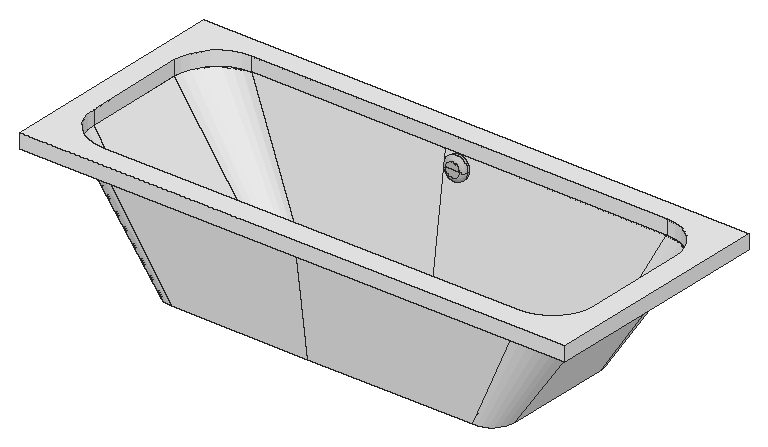
Revit family "NLRS_74_PF_UN_bad_S8H0Y000000_SPHINX_BCB", category Plumbing Fixtures, Revit 2016
Family settings
  Part Type = Normal
  Round Connector Dimension = Use Radius
  OmniClass Number = 23.45.00.00
  OmniClass Title = Sanitary, Laundry, and Cleaning Equipment
  Work Plane-Based = No
  Always vertical = Yes
  Cut with Voids When Loaded = No
  Shared = No
  Room Calculation Point = No
Parameters (values of type "300 bad 190x80")
  NLRS_C_type = ""
  NLRS_C_serie = ""
  radius = 25 mm
  NLRS_C_revit_versie = "2016"
  NLRS_C_content_versie = "2.0"
  NLRS_C_content_provider = "BouwConnect"
  NLRS_C_content_datum_uitgifte = "APR-2018"
  NLRS_C_content_datum_gewijzigd = "APR-2018"
  NLRS_C_content_creator = "BouwConnect"
  NLRS_C_URL_product_data = "http://www.sphinx.nl/producten/baden/rechthoekige-baden/sphinx-b75-%7C-duobad-b75420/30211/"
  NLRS_C_code_artikel = "S8H0Z000000"
  Waste Connection = yes
  WFU = 0
  URL = "http://www.sphinx.nl/"
  NLRS_S_gewicht = 23.50 kg
  NLRS_C_materiaal_01 = NLRS_h2_staal_Sphinx
  NLRS_C_materiaal = NLRS_n6_acryl_wit_Sphinx
  NLRS_C_lengte = 1900 mm
  NLRS_C_hoogte = 450 mm
  NLRS_C_diameter_uit = 50 mm
  NLRS_C_breedte = 800 mm
  Model = ""
  Manufacturer = "Sphinx"  # constant formula
  Keynote = ""
  IfcTypeProduct = "IfcSanitaryTerminalType"
  IfcExportType = "BATH"
  IfcExportAs = "IfcSanitaryTerminalTypeEnum"
  IfcElement = "IfcFlowTerminal"
  NLRS_C_code_EAN = "8711754119505"
  Description = "bad"
  NLRS_C_URL_BCB = "http://bcb-online.nl/?zoekterm=Sphinx+++%5bGeberit+B.V.%5d"
  Assembly Code = ""
Reference planes
  plane 1 "Center (Front/Back)": y = 0
  plane 2: z = 0
  plane 3 "Center (Left/Right)": x = 0
Forms (mm)
  Extrusion 1, solid, material "NLRS_n6_acryl_wit_Sphinx" <- "NLRS_C_materiaal", detail levels medium+fine
    sketch origin (0, 0, -450) x (1, 0, 0) y (0, 1, 0)
      loop
        line (0, 0) -> (0, -400) -> (75, -400) -> (75, -225)
        arc (75, -225) -> (118.934, -118.934) -> (225, -75) r 150
        line (225, -75) -> (1675, -75)
        arc (1675, -75) -> (1781.066, -118.934) -> (1825, -225) r 150
        line (1825, -225) -> (1825, -400) -> (1900, -400) -> (1900, 0) -> (0, 0)
    from 400 to 450
  Blend 2, solid, material "NLRS_n6_acryl_wit_Sphinx" <- "NLRS_C_materiaal", detail levels medium+fine
    base sketch origin (0, 0, -450) x (1, 0, 0) y (0, 1, 0)
      loop
        arc (425.801, -128.665) -> (365.697, -153.561) -> (340.801, -213.665) r 85
        line (340.801, -213.665) -> (340.801, -586.201)
        arc (340.801, -586.201) -> (365.697, -646.306) -> (425.801, -671.201) r 85
        line (425.801, -671.201) -> (900.179, -671.201) -> (1474.199, -671.201)
        arc (1474.199, -671.201) -> (1534.303, -646.306) -> (1559.199, -586.201) r 85
        line (1559.199, -586.201) -> (1559.199, -213.665)
        arc (1559.199, -213.665) -> (1534.303, -153.561) -> (1474.199, -128.665) r 85
        line (1474.199, -128.665) -> (900, -128.665) -> (425.801, -128.665)
    top sketch origin (0, 0, -450) x (1, 0, 0) y (0, 1, 0)
      loop
        arc (225, -72) -> (116.813, -116.813) -> (72, -225) r 153
        line (72, -225) -> (72, -575)
        arc (72, -575) -> (116.813, -683.187) -> (225, -728) r 153
        line (225, -728) -> (900, -728) -> (1675, -728)
        arc (1675, -728) -> (1783.187, -683.187) -> (1828, -575) r 153
        line (1828, -575) -> (1828, -225)
        arc (1828, -225) -> (1783.187, -116.813) -> (1675, -72) r 153
        line (1675, -72) -> (900, -72) -> (225, -72)
    from 0 to 400
  Blend 3, void, detail levels medium+fine
    base sketch origin (0, 0, -447) x (1, 0, 0) y (0, 1, 0)
      loop
        arc (425.801, -131.668) -> (367.819, -155.685) -> (343.801, -213.668) r 82
        line (343.801, -213.668) -> (343.801, -586.202)
        arc (343.801, -586.202) -> (367.819, -644.184) -> (425.801, -668.202) r 82
        line (425.801, -668.202) -> (900.211, -668.202) -> (1474.199, -668.202)
        arc (1474.199, -668.202) -> (1532.181, -644.184) -> (1556.199, -586.202) r 82
        line (1556.199, -586.202) -> (1556.199, -213.668)
        arc (1556.199, -213.668) -> (1532.181, -155.685) -> (1474.199, -131.668) r 82
        line (1474.199, -131.668) -> (900, -131.668) -> (425.801, -131.668)
    top sketch origin (0, 0, -447) x (1, 0, 0) y (0, 1, 0)
      loop
        arc (225, -75) -> (118.934, -118.934) -> (75, -225) r 150
        line (75, -225) -> (75, -575)
        arc (75, -575) -> (118.934, -681.066) -> (225, -725) r 150
        line (225, -725) -> (900, -725) -> (1675, -725)
        arc (1675, -725) -> (1781.066, -681.066) -> (1825, -575) r 150
        line (1825, -575) -> (1825, -225)
        arc (1825, -225) -> (1781.066, -118.934) -> (1675, -75) r 150
        line (1675, -75) -> (900, -75) -> (225, -75)
    from 0 to 400
  Extrusion 4, solid, material "NLRS_n6_acryl_wit_Sphinx" <- "NLRS_C_materiaal", detail levels medium+fine
    sketch origin (0, -800, -450) x (1, 0, 0) y (0, 1, 0)
      loop
        line (0, 0) -> (1900, 0) -> (1900, 400) -> (1825, 400) -> (1825, 225)
        arc (1825, 225) -> (1781.066, 118.934) -> (1675, 75) r 150
        line (1675, 75) -> (225, 75)
        arc (225, 75) -> (118.934, 118.934) -> (75, 225) r 150
        line (75, 225) -> (75, 400) -> (0, 400) -> (0, 0)
    from 400 to 450
  Extrusion 5, solid, material "NLRS_n6_acryl_wit_Sphinx" <- "NLRS_C_materiaal", detail levels coarse
    sketch origin (0, 0, -450) x (1, 0, 0) y (0, 1, 0)
      loop
        line (0, 0) -> (0, -800) -> (1900, -800) -> (1900, 0) -> (0, 0)
    from 0 to 450
  Extrusion 6, void, detail levels coarse
    sketch origin (0, 0, -450) x (1, 0, 0) y (0, 1, 0)
      loop
        arc (225, -72) -> (116.813, -116.813) -> (72, -225) r 153
        line (72, -225) -> (72, -575)
        arc (72, -575) -> (116.813, -683.187) -> (225, -728) r 153
        line (225, -728) -> (900, -728) -> (1675, -728)
        arc (1675, -728) -> (1783.187, -683.187) -> (1828, -575) r 153
        line (1828, -575) -> (1828, -225)
        arc (1828, -225) -> (1783.187, -116.813) -> (1675, -72) r 153
        line (1675, -72) -> (900, -72) -> (225, -72)
    from 100 to 500
  Extrusion 7, solid, material "NLRS_h2_staal_Sphinx" <- "NLRS_C_materiaal_01", detail levels medium+fine
    sketch origin (50.978, 64.916, -450) x (1, 0, 0) y (0, 1, 0)
      loop
        circle (899.022, -346.916) r 26
    from -10 to 0
  Extrusion 8, void, detail levels fine
    sketch origin (0, 0, -450) x (1, 0, 0) y (0, 1, 0)
      loop
        circle (950, -282) r 23
    from -20 to 10
  Revolve 9, solid, material "NLRS_h2_staal_Sphinx" <- "NLRS_C_materiaal_01", detail levels fine
    sketch origin (0, -282, -450) x (1, 0, 0) y (0, 0, 1)
      loop
        arc (920.939, 11) -> (907.985, 9.448) -> (895.764, 4.881) r 54.847
        arc (895.764, 4.881) -> (895.444, 4.657) -> (895.194, 4.356) r 1.467
        arc (895.194, 4.356) -> (895.093, 3.653) -> (895.545, 3.106) r 0.878
        arc (895.545, 3.106) -> (896.133, 3.026) -> (896.725, 3) r 6.633
        line (896.725, 3) -> (950, 3) -> (950, 11) -> (920.939, 11)
      axis (950, 3) -> (950, 11)
    angle from 0 to 360
  Revolve 10, solid, material "NLRS_h2_staal_Sphinx" <- "NLRS_C_materiaal_01", detail levels fine
    sketch origin (0, 0, -90) x (1, 0, 0) y (0, 1, 0)
      loop
        line (950, -72) -> (910, -72) -> (910, -87)
        arc (910, -87) -> (914.393, -97.607) -> (925, -102) r 15
        line (925, -102) -> (950, -102) -> (950, -72)
      axis (950, -102) -> (950, -72)
    angle from 0 to 360
  Extrusion 11, solid, material "NLRS_n6_acryl_wit_Sphinx" <- "NLRS_C_materiaal", not visible
    sketch origin (0, 0, -450) x (1, 0, 0) y (0, 1, 0)
      loop
        circle (950, -282) r 25
    from 0 to 5
Cuts and joins
  Blend 3 cuts Blend 2
  Blend 3, Extrusion 6 cuts Extrusion 5
  joined: Extrusion 1, Extrusion 4
  Extrusion 8 cuts Extrusion 7
  Extrusion 8 cuts Revolve 9
Dimensions and locks
  aligned and locked: level to plane 2
Connectors
  piping at (950, -282, -450), diameter 50, driven by "WFU", driven by "radius"
    settings: on Extrusion 11, index 1, connector inside diameter 50 mm, connector length 0 mm, flow factor 0, pipe flow 0.0 L/s, pressure drop 0.0 Pa, fitting loss kfactor 0, connector angle 0.00°, fixture units 0, engagement length 0 mm, angle of deflection 0.00°, flow configuration 3, flow direction 2, fitting loss method 0, system type 16, joint type 0, gender type 0, connector reference index -1, connector utility 0, adjustable connector no, is connector primary yes, connector description "out"
